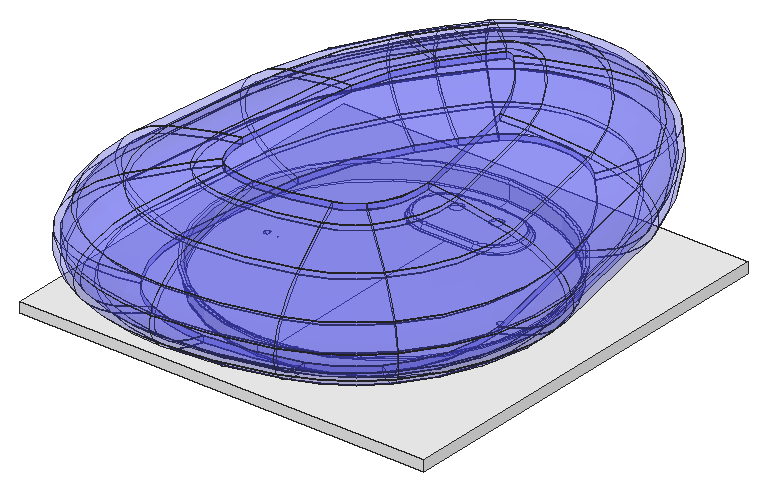
Revit family "BE_51132_de_DE", category Leuchten, Revit 2020
Family settings
  Basisbauteil = Fläche
  Bemaßung runder Anschluss = Durchmesser verwenden
  Teiletyp = Normal
  Beim Laden mit Abzugskörper schneiden = Ja
  Lichtquelle = Ja
  Gemeinsam genutzt = Nein
  Raumberechnungspunkt = Ja
Parameters (values of type "BEGA_51132_K3")
  built-in parameter 1150104 = 13.971 (stored number, unit not read)
  Wattage = 26.4 W
  Default Elevation = 0 mm
  built-in parameter 1150113 = 1 (stored number, unit not read)
  built-in parameter 1114218 = 1 (stored number, unit not read)
  Umgebungstemperatur = "25 °C"
  URL = "https://www.bega.com/de/produkt/51132"
  Typenkommentare = "© 2023 BEGA. Wir behalten uns das Recht vor, technische Änderungen ohne vorherige Ankündigung vorzunehmen."  # constant formula
  built-in parameter 1150134 = (empty or 0)
  built-in parameter 1150109 = 1 (stored number, unit not read)
  built-in parameter 1150110 = 1 (stored number, unit not read)
  Spannung = 239.996 V
  Sonderanfertigung = no
  Seriennummer [instance] = "Hier können Sie die eindeutige Seriennummer für das Facility Management eintragen."
  Schutzklasse = "I"
  Schutzart = "IP 20"
  Scheinlast = 0 VA
  Produktdatenblatt = "https://cdn.bega.com/bega/products/51132K27/current/documents/data-sheets/de"
  Neigungswinkel = 0.00°
  Modell = "51132K3"
  Material_34 = BEGA_Oberfläche_Samtweiss_matt
  Material_11 = BEGA_Glas_opal
  M_W = no
  M_G = no
  M_A = no
  Logo = 0
  built-in parameter 1114217 = 1 (stored number, unit not read)
  built-in parameter 1150139 = (empty or 0)
  built-in parameter 1150105 = 3970 (stored number, unit not read)
  built-in parameter 1150114 = 1 (stored number, unit not read)
  Lumens = 3970.03 lm
  built-in parameter 1150115 = 1 (stored number, unit not read)
  Leuchtenlichtstrom = "2642 lm"
  Lebensdauerkriterien = "L70B50 @ 25 °C = 195000 h"
  Lastklassifizierung = Beleuchtung
  built-in parameter 1150112 = 1 (stored number, unit not read)
  Lampenlichtstrom = "3970 lm"
  Lampe = "LED 26.4 W"
  LED_Modulbezeichnung = "LED-0510/930"
  Hersteller = "BEGA"  # constant formula
  Gewicht = "3.7 kg"
  Frequenz = "0/50-60 Hz"
  Farbwiedergabeindex = "CRI > 90"
  Farbtemperaturverschiebung bei Dämpfen der Lampe = <Keine Auswahl>
  Farbtemperatur = "3000 K"
  Color Filter = 16777215
  built-in parameter 1150133 = 10 (stored number, unit not read)
  Energieeffizienzklasse = "LED A++ - A"
  built-in parameter 1150137 = (empty or 0)
  built-in parameter 1150132 = (empty or 0)
  Dimmbar [instance] = "DALI"
  Datei für fotometrisches Netz = "BE_51132K3.ies"
  CE_Konformität = "ja"
  Bestellnummer = "51132K3"
  Beschreibung_Sonderanfertigung = "Hier können Sie Informationen zur Sonderanfertigung eintragen."
  Beschreibung = "Wandleuchte"
  built-in parameter 1150106 = 39.7 (stored number, unit not read)
  Befestigungsbohrung = "Ø 5,5 mm"
  Befestigungsabstand = "230 mm"
  BEGA_Intern_aus = yes
  BEGA_Intern_an = yes
  BEGA_Intern_Konstruktion = yes
  BEGA_Intern = yes
  BEGA_IES = yes
  BEGA_Dummy = no
  Anschlussleistung [instance] = "30 W"
  built-in parameter 1150107 = 3000 (stored number, unit not read)
  built-in parameter 1150102 = (empty or 0)
  built-in parameter 1150138 = (empty or 0)
  Aktualisierung = "2023-05-17T04:00:04"
  AC/DC = "AC/DC"
Types (2, lengths in mm): name | built-in parameter 1150104 | Modell | built-in parameter 1150105 | Lumens | Leuchtenlichtstrom | Lampenlichtstrom | LED_Modulbezeichnung | Farbtemperatur | Datei für fotometrisches Netz | Bestellnummer | built-in parameter 1150106 | built-in parameter 1150107
  BEGA_51132_K27 | 13.53 (stored number, unit not read) | "51132K27" | 305.97 (stored number, unit not read) | 3844.9 lm | "2558 lm" | "3845 lm" | "LED-0510/927" | "2700 K" | "BE_51132K27.ies" | "51132K27" | 3.0597 (stored number, unit not read) | 2700 (stored number, unit not read)
  BEGA_51132_K3 | 13.971 (stored number, unit not read) | "51132K3" | 3970 (stored number, unit not read) | 3970.03 lm | "2642 lm" | "3970 lm" | "LED-0510/930" | "3000 K" | "BE_51132K3.ies" | "51132K3" | 39.7 (stored number, unit not read) | 3000 (stored number, unit not read)
Reference planes
  plane 1 "Mitte (Vorne/Hinten)": y = 0
  plane 2: z = 0
  plane 3 "Mitte (Links/Rechts)": x = 0
  plane 4 "Links": x = -208.324
  plane 5 "Rechts": x = 213.154
  plane 6 "Unten": y = -259.263
  plane 7 "Oben": y = 286.32
  plane 8 "Vorne": z = 135.741
  plane 9 "Hinten": z = 0
Forms (mm)
  Extrusion 1, solid, material "BEGA_Platte_Weiss"
    sketch origin (0, -1119.2, 0) x (1, 0, 0) y (0, 1, 0)
      loop
        line (-200, 1319.2) -> (-200, 919.2) -> (200, 919.2) -> (200, 1319.2) -> (-200, 1319.2)
    from 0 to -10
  Extrusion 2, solid, material "BEGA_Dummy_matt", visible <- "BEGA_Dummy"
    sketch origin (80.095, -76.023, 0) x (1, 0, 0) y (0, 1, 0)
      loop
        line (-288.42, 362.343) -> (-288.42, -183.24) -> (133.059, -183.24) -> (133.059, 362.343) -> (-288.42, 362.343)
    from 0 to 135.741
Dimensions and locks
  plane 1 "Mitte (Vorne/Hinten)" to Extrusion 1 = 200 mm
  aligned and locked: plane 2 to Extrusion 1
  aligned and locked: level to Extrusion 1
Nested families
  nested 1: "BE_51132_Leuchte" at (0, 0, 0), type "BE_51132_Leuchte"
Connectors
  electrical at (0, 0, 0), driven by "Lastklassifizierung", driven by "Spannung", driven by "Scheinlast"
    settings: index 1, voltage 239.996 V, apparent load 0 VA, apparent load phase1 0 VA, apparent load phase2 0 VA, apparent load phase3 0 VA, power factor 1, load classification "Beleuchtung", number of poles 1, system type 31, power factor state 1, is connector primary yes, connector utility no, sub classification motor no, connector description ""
Definition of nested family "BE_51132_Leuchte"
  Parameters (values of type "BE_51132_Leuchte")
    Default Elevation = 1 mm
    URL = "http://www.bega.de/de/produkt"
    Type Comments = "© 2015 BEGA. Wir behalten uns das Recht vor, technische Änderungen ohne vorherige Ankündigung vorzunehmen. "  # constant formula
    Type Image = (empty or 0)
    Material_34 = none
    Material_11 = none
    Länge_Platte = 320 mm  # constant formula
    Höhe_Platte = -10 mm  # constant formula
    Manufacturer = "BEGA"  # constant formula
    Breite_Platte = 320 mm  # constant formula
  Reference planes
    plane 1 "Mitte (Oben/Unten)": y = 0
    plane 2: z = 0
    plane 3 "Mitte (Links/Rechts)": x = 0
    plane 4: z = 135.741
    plane 5: y = 286.32
    plane 6: y = -259.263
    plane 7: x = -208.324
    plane 8: x = 213.154
  Forms (mm)
    Extrusion 1, solid, detail levels medium
      sketch origin (0, 0, 0) x (1, 0, 0) y (0, 1, 0)
        loop
          line (-160, 160) -> (-160, -160) -> (160, -160) -> (160, 160) -> (-160, 160)
      from 0 to -10 <- "Höhe_Platte"
    Revolve 2, solid, material <- "Material_34"
      sketch origin (0, 0, 0) x (0, 1, 0) y (0, 0, 1)
        loop
          line (-159, 20.8) -> (-159, 19.8) -> (-156.827, 19.8)
          arc (-156.827, 19.8) -> (-156.266, 19.571) -> (-156.024, 19.014) r 0.8
          line (-156.024, 19.014) -> (-155.767, 4.273)
          arc (-155.767, 4.273) -> (-155.172, 2.876) -> (-153.767, 2.3) r 2
          line (-153.767, 2.3) -> (0, 2.3) -> (0, 3.3) -> (-153.767, 3.3)
          arc (-153.767, 3.3) -> (-154.466, 3.585) -> (-154.767, 4.277) r 1
          line (-154.767, 4.277) -> (-155.023, 18.922)
          arc (-155.023, 18.922) -> (-155.521, 20.245) -> (-156.821, 20.8) r 1.8
          line (-156.821, 20.8) -> (-159, 20.8)
        axis (0, 2.3) -> (0, 20.8)
      angle from 0 to 360
    Revolve 3, solid, material <- "Material_34"
      sketch origin (0.045, -0.026, 0) x (-0.865872, -0.500265, 0) y (0, 0, 1)
        loop
          arc (-151.405, 2.3) -> (-148.937, 0.599) -> (-146, 0) r 7.5
          line (-146, 0) -> (-146, 2.3) -> (-151.405, 2.3)
        axis (-146, 0) -> (-146, 2.3)
      angle from 0 to 360
    Revolve 4, solid, material <- "Material_34"
      sketch origin (0.045, 0.026, 0) x (0.866184, -0.499726, 0) y (0, 0, 1)
        loop
          arc (-151.405, 2.3) -> (-148.937, 0.599) -> (-146, 0) r 7.5
          line (-146, 0) -> (-146, 2.3) -> (-151.405, 2.3)
        axis (-146, 0) -> (-146, 2.3)
      angle from 0 to 360
    Revolve 5, solid, material <- "Material_34"
      sketch origin (0, 0, 0) x (0.000015, 1, 0) y (0, 0, 1)
        loop
          arc (-151.405, 2.3) -> (-148.937, 0.599) -> (-146, 0) r 7.5
          line (-146, 0) -> (-146, 2.3) -> (-151.405, 2.3)
        axis (-146, 0) -> (-146, 2.3)
      angle from 0 to 360
    Extrusion 6, void
      sketch origin (0, 0, 0) x (1, 0, 0) y (0, 1, 0)
        loop
          arc (32.023, 136.417) -> (0, 140.125) -> (-32.023, 136.417) r 140.125
          arc (-32.023, 136.417) -> (-55.526, 102.965) -> (-25, 75.77) r 30.73
          line (-25, 75.77) -> (25, 75.77)
          arc (25, 75.77) -> (55.526, 102.965) -> (32.023, 136.417) r 30.73
      from 2.3 to 9.8
    Sweep 7, solid, material <- "Material_34"
      path origin (0, 0, 0) x (1, 0, 0) y (0, 1, 0)
        loop
          arc (32.023, 136.417) -> (0, 140.125) -> (-32.023, 136.417) r 140.125
          arc (-32.023, 136.417) -> (-55.526, 102.965) -> (-25, 75.77) r 30.73
          line (-25, 75.77) -> (25, 75.77)
          arc (25, 75.77) -> (55.526, 102.965) -> (32.023, 136.417) r 30.73
      profile origin (0, 140.125, 0) x (0, -1, 0) y (0, 0, 1)
        loop
          arc (1.723, 4.284) -> (0.992, 3.563) -> (0, 3.3) r 2
          line (0, 3.3) -> (0, 2.3)
          arc (0, 2.3) -> (1.51, 2.695) -> (2.617, 3.794) r 3
          line (2.617, 3.794) -> (4.697, 7.396)
          arc (4.697, 7.396) -> (5.05, 7.693) -> (5.5, 7.8) r 1
          line (5.5, 7.8) -> (5.5, 8.8)
          arc (5.5, 8.8) -> (4.5, 8.532) -> (3.768, 7.8) r 2
          line (3.768, 7.8) -> (1.723, 4.284)
    Extrusion 8, solid, material <- "Material_34"
      sketch origin (0, 0, 0) x (1, 0, 0) y (0, 1, 0)
        loop
          arc (30.766, 131.063) -> (0, 134.625) -> (-30.766, 131.063) r 134.625
          arc (-30.766, 131.063) -> (-50.063, 103.598) -> (-25, 81.27) r 25.23
          line (-25, 81.27) -> (25, 81.27)
          arc (25, 81.27) -> (50.063, 103.598) -> (30.766, 131.063) r 25.23
      from 7.8 to 8.8
    Extrusion 9, void
      sketch origin (0, 0, 0) x (1, 0, 0) y (0, 1, 0)
        loop
          circle (-20, 115) r 6
        loop
          circle (20, 115) r 6
      from 0 to 250
    Revolve 10, solid, material <- "Material_34"
      sketch origin (-115.03, 0, 0) x (0, 1, 0) y (0, 0, 1)
        loop
          line (0, 2.3) -> (-9.43, 2.3) -> (-8.406, 1.079)
          arc (-8.406, 1.079) -> (-7.374, 0.283) -> (-6.101, 0) r 3
          line (-6.101, 0) -> (0, 0) -> (0, 2.3)
        axis (0, 0) -> (0, 2.3)
      angle from 0 to 360
    Revolve 11, solid, material <- "Material_34"
      sketch origin (114.97, 0, 0) x (0, 1, 0) y (0, 0, 1)
        loop
          line (0, 2.3) -> (-9.43, 2.3) -> (-8.406, 1.079)
          arc (-8.406, 1.079) -> (-7.374, 0.283) -> (-6.101, 0) r 3
          line (-6.101, 0) -> (0, 0) -> (0, 2.3)
        axis (0, 0) -> (0, 2.3)
      angle from 0 to 360
    Extrusion 12, void
      sketch origin (0, 0, 0) x (1, 0, 0) y (0, 1, 0)
        loop
          circle (-115, 0) r 2.75
        loop
          circle (115, 0) r 2.75
      from 0 to 250
    Sweep 13, solid, material <- "Material_11"
      path origin (0, -0.306, 0) x (1, 0, 0) y (0, 1, 0)
        loop
          arc (-89.5, 240.474) -> (-101.433, 224.49) -> (-113.093, 208.306) r 1174.467
          arc (-113.093, 208.306) -> (-123.789, 192.933) -> (-134.238, 177.392) r 1174.467
          arc (-134.238, 177.392) -> (-163.741, 121.267) -> (-181.506, 60.399) r 317.598
          arc (-181.506, 60.399) -> (-191.634, -5.241) -> (-197.687, -71.382) r 1074.52
          arc (-197.687, -71.382) -> (-192.579, -126.752) -> (-171.094, -178.04) r 183.202
          arc (-171.094, -178.04) -> (-144.09, -209.962) -> (-108.72, -232.26) r 137.101
          arc (-108.72, -232.26) -> (-67.511, -245.04) -> (-24.515, -248.628) r 198.824
          arc (-24.515, -248.628) -> (28.573, -243.302) -> (80.281, -230.15) r 358.205
          arc (80.281, -230.15) -> (121.696, -209.708) -> (156.164, -178.966) r 171.709
          arc (156.164, -178.966) -> (194.267, -109.574) -> (201.482, -30.739) r 194.03
          arc (201.482, -30.739) -> (189.786, 40.911) -> (171.328, 111.123) r 762.402
          arc (171.328, 111.123) -> (139.166, 180.955) -> (90.5, 240.474) r 303.731
          arc (90.5, 240.474) -> (0.5, 276.342) -> (-89.5, 240.474) r 130.848
      profile origin (0.5, 276.036, 0) x (0, 1, 0) y (0, 0, 1)
        loop
          arc (-22.646, 30.645) -> (-8.544, 38.244) -> (3.419, 48.896) r 68.816
          arc (3.419, 48.896) -> (9.667, 61.255) -> (8.986, 75.087) r 27.077
          arc (8.986, 75.087) -> (3.487, 86.455) -> (-4.994, 95.813) r 44.358
          arc (-4.994, 95.813) -> (-23.784, 108.4) -> (-44.726, 116.939) r 111.588
          arc (-44.726, 116.939) -> (-70.653, 124.219) -> (-96.746, 130.878) r 1128.324
          arc (-96.746, 130.878) -> (-109.218, 133.599) -> (-121.802, 135.741) r 276.213
          line (-121.802, 135.741) -> (-121.802, 129.676)
          arc (-121.802, 129.676) -> (-109.929, 127.625) -> (-98.16, 125.047) r 270.213
          arc (-98.16, 125.047) -> (-72.206, 118.423) -> (-46.417, 111.182) r 1122.324
          arc (-46.417, 111.182) -> (-26.601, 103.102) -> (-8.821, 91.192) r 105.588
          arc (-8.821, 91.192) -> (-1.488, 83.1) -> (3.268, 73.27) r 38.358
          arc (3.268, 73.27) -> (3.798, 62.503) -> (-1.065, 52.882) r 21.077
          arc (-1.065, 52.882) -> (-11.986, 43.158) -> (-24.858, 36.223) r 62.816
          arc (-24.858, 36.223) -> (-41.359, 30.665) -> (-58.353, 26.874) r 165.289
          line (-58.353, 26.874) -> (-58.353, 20.793)
          arc (-58.353, 20.793) -> (-40.233, 24.751) -> (-22.646, 30.645) r 171.289
    Extrusion 14, solid, material <- "Material_11"
      sketch origin (0, 0, 0) x (1, 0, 0) y (0, 1, 0)
        loop
          arc (-61.761, 38.115) -> (-70.74, -20.085) -> (-76.107, -78.728) r 952.719
          arc (-76.107, -78.728) -> (-74.395, -97.286) -> (-67.195, -114.475) r 61.4
          arc (-67.195, -114.475) -> (-64.181, -118.037) -> (-60.234, -120.525) r 15.299
          arc (-60.234, -120.525) -> (-44.27, -125.476) -> (-27.614, -126.866) r 77.023
          arc (-27.614, -126.866) -> (7.423, -123.351) -> (41.548, -114.671) r 236.403
          arc (41.548, -114.671) -> (53.585, -108.729) -> (63.603, -99.795) r 49.907
          arc (63.603, -99.795) -> (77.787, -73.963) -> (80.473, -44.616) r 72.229
          arc (80.473, -44.616) -> (70.646, 15.587) -> (55.137, 74.582) r 640.6
          arc (55.137, 74.582) -> (35.872, 116.41) -> (6.723, 152.061) r 181.929
          arc (6.723, 152.061) -> (2.681, 154.274) -> (-1.927, 154.209) r 9.046
          arc (-1.927, 154.209) -> (-7.836, 146.106) -> (-13.668, 137.948) r 1052.665
          arc (-13.668, 137.948) -> (-23.255, 124.169) -> (-32.62, 110.24) r 1052.665
          arc (-32.62, 110.24) -> (-50.808, 75.639) -> (-61.761, 38.115) r 195.796
      from 129.676 to 135.741
    Extrusion 15, solid, material <- "Material_11"
      sketch origin (0, 0, 0) x (1, 0, 0) y (0, 1, 0)
        loop
          arc (-25.999, -190.294) -> (18.44, -185.836) -> (61.725, -174.826) r 299.851
          arc (61.725, -174.826) -> (89.065, -161.331) -> (111.82, -141.036) r 113.355
          arc (111.82, -141.036) -> (138.463, -92.514) -> (143.508, -37.387) r 135.677
          arc (143.508, -37.387) -> (132.708, 28.778) -> (115.662, 93.617) r 704.049
          arc (115.662, 93.617) -> (89.68, 150.032) -> (50.364, 198.117) r 245.377
          arc (50.364, 198.117) -> (2.56, 217.96) -> (-46.293, 200.864) r 72.495
          arc (-46.293, 200.864) -> (-55.972, 187.801) -> (-65.46, 174.599) r 1116.114
          arc (-65.46, 174.599) -> (-75.624, 159.99) -> (-85.555, 145.22) r 1116.114
          arc (-85.555, 145.22) -> (-109.637, 99.407) -> (-124.138, 49.723) r 259.245
          arc (-124.138, 49.723) -> (-133.716, -12.353) -> (-139.44, -74.901) r 1016.167
          arc (-139.44, -74.901) -> (-135.959, -112.635) -> (-121.317, -147.587) r 124.848
          arc (-121.317, -147.587) -> (-105.807, -165.922) -> (-85.491, -178.73) r 78.747
          arc (-85.491, -178.73) -> (-56.376, -187.759) -> (-25.999, -190.294) r 140.471
      from 20.8 to 26.874
  Cuts and joins
    Extrusion 6, Extrusion 9, Extrusion 12 cuts Revolve 2
    Extrusion 6, Extrusion 9, Extrusion 12 cuts Revolve 3
    Extrusion 6, Extrusion 9, Extrusion 12 cuts Revolve 4
    Extrusion 6, Extrusion 9, Extrusion 12 cuts Revolve 5
    Extrusion 9, Extrusion 12 cuts Extrusion 8
    Extrusion 12 cuts Revolve 10
    Extrusion 12 cuts Revolve 11
    joined: Revolve 2, Revolve 3, Revolve 4, Revolve 5, Extrusion 8, Revolve 10, Revolve 11
    joined: Extrusion 14, Extrusion 15
  Dimensions and locks
    equal spacing: Extrusion 1 sketch curve, plane 3 "Mitte (Links/Rechts)", Extrusion 1 sketch curve
    equal spacing: Extrusion 1 sketch curve, plane 1 "Mitte (Oben/Unten)", Extrusion 1 sketch curve
    "Länge_Platte": Extrusion 1 sketch curve to Extrusion 1 sketch curve
    "Breite_Platte": Extrusion 1 sketch curve to Extrusion 1 sketch curve
    plane 1 "Mitte (Oben/Unten)" to Extrusion 1 = 160 mm  (x3)
    aligned and locked: plane 2 to Extrusion 1
    aligned and locked: level to Extrusion 1
  Automatic sketch dimensions
    Revolve 2 sketch curve to Revolve 2 sketch curve = 0 mm  (x3)
    Revolve 2 sketch curve to plane 1 "Mitte (Oben/Unten)" = 0 mm  (x2)
    level to Revolve 2 sketch curve = 3.3 mm
    plane 1 "Mitte (Oben/Unten)" to Revolve 2 sketch curve = 153.767 mm
    level to Revolve 2 sketch curve = 4.277 mm
    Revolve 2 sketch curve to Revolve 2 sketch curve = 1 mm  (x3)
    level to Revolve 2 sketch curve = 18.922 mm
    Revolve 2 sketch curve to Revolve 2 sketch curve = 0.256 mm
    level to Revolve 2 sketch curve = 4.273 mm
    Revolve 2 sketch curve to Revolve 2 sketch curve = 1.798 mm
    Revolve 2 sketch curve to Revolve 2 sketch curve = 0.005 mm
    Revolve 2 sketch curve to Revolve 2 sketch curve = 2.179 mm
    Revolve 2 sketch curve to Revolve 2 sketch curve = 0.078 mm
    level to Revolve 2 sketch curve = 19.014 mm
    Revolve 2 sketch curve to Revolve 2 sketch curve = 0.797 mm
    Revolve 2 sketch curve to Revolve 2 sketch curve = 0.002 mm
    Revolve 2 sketch curve to level = 609.6 mm
    Revolve 2 sketch curve to Revolve 2 sketch curve = 2323.007 mm
    level to Revolve 3 sketch curve = 0 mm  (x2)
    level to Revolve 3 sketch curve = 2.3 mm
    Revolve 3 sketch curve to Revolve 3 sketch curve = 5.405 mm
    Revolve 3 sketch curve to Revolve 3 sketch curve = 0 mm
    Revolve 3 sketch curve to Revolve 3 sketch curve = 1.715 mm
    Revolve 4 sketch curve to level = 0 mm  (x2)
    level to Revolve 4 sketch curve = 2.3 mm
    Revolve 4 sketch curve to Revolve 4 sketch curve = 5.405 mm
    Revolve 4 sketch curve to Revolve 4 sketch curve = 0 mm
    Revolve 4 sketch curve to Revolve 4 sketch curve = 1.715 mm
    Revolve 5 sketch curve to level = 0 mm  (x2)
    level to Revolve 5 sketch curve = 2.3 mm
    Revolve 5 sketch curve to Revolve 5 sketch curve = 5.405 mm
    Revolve 5 sketch curve to Revolve 5 sketch curve = 0 mm
    Revolve 5 sketch curve to Revolve 5 sketch curve = 1.715 mm
    plane 1 "Mitte (Oben/Unten)" to Extrusion 6 sketch curve = 0 mm
    Extrusion 6 sketch curve to plane 3 "Mitte (Links/Rechts)" = 0 mm
    Extrusion 6 sketch curve to plane 3 "Mitte (Links/Rechts)" = 25 mm  (x2)
    plane 3 "Mitte (Links/Rechts)" to Extrusion 6 sketch curve = 25 mm  (x2)
    Extrusion 6 sketch curve to plane 1 "Mitte (Oben/Unten)" = 106.5 mm
    Extrusion 6 sketch curve to Extrusion 6 sketch curve = 0 mm  (x6)
    Extrusion 6 sketch curve to Extrusion 6 sketch curve = 7.023 mm
    plane 1 "Mitte (Oben/Unten)" to Sweep 7 sketch curve = 0 mm
    Sweep 7 sketch curve to plane 3 "Mitte (Links/Rechts)" = 0 mm
    Sweep 7 sketch curve to plane 3 "Mitte (Links/Rechts)" = 25 mm
    plane 3 "Mitte (Links/Rechts)" to Sweep 7 sketch curve = 25 mm  (x2)
    Sweep 7 sketch curve to plane 1 "Mitte (Oben/Unten)" = 106.5 mm
    Sweep 7 sketch curve to Sweep 7 sketch curve = 0 mm  (x7)
    Sweep 7 sketch curve to Sweep 7 sketch curve = 7.023 mm
    Sweep 7 sketch curve to profile plane = 0 mm
    profile plane to Sweep 7 sketch curve = 0 mm
    Sweep 7 sketch curve to profile plane = 0.023 mm
    Sweep 7 sketch curve to profile plane = 1.723 mm
    Sweep 7 sketch curve to Sweep 7 sketch curve = 0.895 mm
    Sweep 7 sketch curve to Sweep 7 sketch curve = 2.079 mm
    Sweep 7 sketch curve to Sweep 7 sketch curve = 0.803 mm
    level to Sweep 7 sketch curve = 2.3 mm
    Sweep 7 sketch curve to Sweep 7 sketch curve = 1 mm  (x2)
    Sweep 7 sketch curve to Sweep 7 sketch curve = 0.494 mm
    Sweep 7 sketch curve to Sweep 7 sketch curve = 0.49 mm
    Sweep 7 sketch curve to Sweep 7 sketch curve = 3.006 mm
    Sweep 7 sketch curve to Sweep 7 sketch curve = 0.596 mm
    Sweep 7 sketch curve to Sweep 7 sketch curve = 0.94 mm
    Sweep 7 sketch curve to Sweep 7 sketch curve = 0.011 mm
    Sweep 7 sketch curve to Sweep 7 sketch curve = 0.007 mm
    plane 1 "Mitte (Oben/Unten)" to Extrusion 8 sketch curve = 0 mm
    Extrusion 8 sketch curve to plane 3 "Mitte (Links/Rechts)" = 0 mm
    Extrusion 8 sketch curve to plane 3 "Mitte (Links/Rechts)" = 25 mm
    plane 3 "Mitte (Links/Rechts)" to Extrusion 8 sketch curve = 25 mm  (x2)
    Extrusion 8 sketch curve to plane 1 "Mitte (Oben/Unten)" = 106.5 mm
    Extrusion 8 sketch curve to Extrusion 8 sketch curve = 0 mm  (x6)
    Extrusion 8 sketch curve to Extrusion 8 sketch curve = 5.766 mm
    Revolve 10 sketch curve to level = 0 mm
    Revolve 10 sketch curve to plane 1 "Mitte (Oben/Unten)" = 0 mm  (x2)
    plane 1 "Mitte (Oben/Unten)" to Revolve 10 sketch curve = 6.101 mm
    level to Revolve 10 sketch curve = 1.079 mm
    Revolve 10 sketch curve to Revolve 10 sketch curve = 2.305 mm
    level to Revolve 10 sketch curve = 2.3 mm
    Revolve 10 sketch curve to Revolve 10 sketch curve = 1.024 mm
    Revolve 10 sketch curve to level = 609.6 mm
    Revolve 10 sketch curve to Revolve 10 sketch curve = 2340.807 mm
    Revolve 11 sketch curve to level = 0 mm
    Revolve 11 sketch curve to plane 1 "Mitte (Oben/Unten)" = 0 mm  (x2)
    Revolve 11 sketch curve to Revolve 11 sketch curve = 6.101 mm
    level to Revolve 11 sketch curve = 1.079 mm
    Revolve 11 sketch curve to Revolve 11 sketch curve = 2.305 mm
    level to Revolve 11 sketch curve = 2.3 mm
    Revolve 11 sketch curve to Revolve 11 sketch curve = 1.024 mm
    Revolve 11 sketch curve to level = 609.6 mm
    Revolve 11 sketch curve to Revolve 11 sketch curve = 2340.807 mm
    Sweep 13 sketch curve to Sweep 13 sketch curve = 0 mm  (x36)
    plane 1 "Mitte (Oben/Unten)" to Sweep 13 sketch curve = 117.908 mm
    Sweep 13 sketch curve to plane 3 "Mitte (Links/Rechts)" = 555.956 mm
    Sweep 13 sketch curve to plane 1 "Mitte (Oben/Unten)" = 19.696 mm
    Sweep 13 sketch curve to plane 3 "Mitte (Links/Rechts)" = 118.412 mm
    Sweep 13 sketch curve to plane 3 "Mitte (Links/Rechts)" = 54.144 mm
    Sweep 13 sketch curve to plane 3 "Mitte (Links/Rechts)" = 33.628 mm
    Sweep 13 sketch curve to plane 3 "Mitte (Links/Rechts)" = 29.573 mm
    Sweep 13 sketch curve to plane 3 "Mitte (Links/Rechts)" = 14.819 mm
    plane 3 "Mitte (Links/Rechts)" to Sweep 13 sketch curve = 0.5 mm
    plane 3 "Mitte (Links/Rechts)" to Sweep 13 sketch curve = 8.715 mm
    Sweep 13 sketch curve to Sweep 13 sketch curve = 16.963 mm
    Sweep 13 sketch curve to plane 1 "Mitte (Oben/Unten)" = 1.986 mm
    Sweep 13 sketch curve to Sweep 13 sketch curve = 105.053 mm
    plane 1 "Mitte (Oben/Unten)" to Sweep 13 sketch curve = 470.427 mm
    Sweep 13 sketch curve to Sweep 13 sketch curve = 29.268 mm
    plane 1 "Mitte (Oben/Unten)" to Sweep 13 sketch curve = 136.499 mm
    plane 1 "Mitte (Oben/Unten)" to Sweep 13 sketch curve = 106.797 mm
    Sweep 13 sketch curve to Sweep 13 sketch curve = 24.059 mm
    Sweep 13 sketch curve to Sweep 13 sketch curve = 15.077 mm
    Sweep 13 sketch curve to Sweep 13 sketch curve = 14.509 mm
    Sweep 13 sketch curve to Sweep 13 sketch curve = 32.564 mm
    Sweep 13 sketch curve to plane 1 "Mitte (Oben/Unten)" = 109.154 mm
    Sweep 13 sketch curve to Sweep 13 sketch curve = 36.034 mm
    plane 1 "Mitte (Oben/Unten)" to Sweep 13 sketch curve = 71.688 mm
    Sweep 13 sketch curve to Sweep 13 sketch curve = 21.145 mm
    Sweep 13 sketch curve to Sweep 13 sketch curve = 23.593 mm
    plane 3 "Mitte (Links/Rechts)" to Sweep 13 sketch curve = 90.5 mm
    Extrusion 14 sketch curve to plane 1 "Mitte (Oben/Unten)" = 2.292 mm
    plane 3 "Mitte (Links/Rechts)" to Extrusion 14 sketch curve = 130.731 mm
    plane 1 "Mitte (Oben/Unten)" to Extrusion 14 sketch curve = 470.12 mm
    plane 3 "Mitte (Links/Rechts)" to Extrusion 14 sketch curve = 845.609 mm
    Extrusion 14 sketch curve to plane 3 "Mitte (Links/Rechts)" = 13.668 mm
    Extrusion 14 sketch curve to plane 3 "Mitte (Links/Rechts)" = 32.62 mm
    Extrusion 14 sketch curve to Extrusion 14 sketch curve = 0 mm  (x10)
    Extrusion 14 sketch curve to plane 1 "Mitte (Oben/Unten)" = 38.115 mm
    Extrusion 14 sketch curve to plane 3 "Mitte (Links/Rechts)" = 1.927 mm
    plane 3 "Mitte (Links/Rechts)" to Extrusion 14 sketch curve = 0.5 mm
    Extrusion 14 sketch curve to Extrusion 14 sketch curve = 8.714 mm
    plane 3 "Mitte (Links/Rechts)" to Extrusion 14 sketch curve = 6.723 mm
    Extrusion 14 sketch curve to plane 1 "Mitte (Oben/Unten)" = 20.002 mm
    plane 3 "Mitte (Links/Rechts)" to Extrusion 14 sketch curve = 55.137 mm
    plane 1 "Mitte (Oben/Unten)" to Extrusion 14 sketch curve = 117.602 mm
    plane 1 "Mitte (Oben/Unten)" to Extrusion 14 sketch curve = 44.616 mm
    plane 3 "Mitte (Links/Rechts)" to Extrusion 14 sketch curve = 8.715 mm
    Extrusion 14 sketch curve to Extrusion 14 sketch curve = 16.87 mm
    Extrusion 14 sketch curve to Extrusion 14 sketch curve = 1.008 mm
    Extrusion 14 sketch curve to Extrusion 14 sketch curve = 16.963 mm
    Extrusion 14 sketch curve to Extrusion 14 sketch curve = 0.779 mm
    Extrusion 14 sketch curve to plane 3 "Mitte (Links/Rechts)" = 27.614 mm
    Extrusion 14 sketch curve to Extrusion 14 sketch curve = 22.055 mm
    Extrusion 14 sketch curve to plane 3 "Mitte (Links/Rechts)" = 29.573 mm
    Extrusion 14 sketch curve to Extrusion 14 sketch curve = 32.621 mm
    Extrusion 14 sketch curve to plane 3 "Mitte (Links/Rechts)" = 14.819 mm
    plane 1 "Mitte (Oben/Unten)" to Extrusion 14 sketch curve = 136.192 mm
    Extrusion 14 sketch curve to Extrusion 14 sketch curve = 32.564 mm
    Extrusion 14 sketch curve to Extrusion 14 sketch curve = 15.873 mm
    Extrusion 14 sketch curve to Extrusion 14 sketch curve = 6.96 mm
    profile plane to Sweep 13 sketch curve = 362.685 mm
    profile plane to Sweep 13 sketch curve = 161.848 mm
    profile plane to Sweep 13 sketch curve = 121.802 mm
    Sweep 13 sketch curve to Sweep 13 sketch curve = 36.009 mm
    level to Sweep 13 sketch curve = 9.873 mm
    profile plane to Sweep 13 sketch curve = 76.172 mm
    Sweep 13 sketch curve to Sweep 13 sketch curve = 17.818 mm
    profile plane to Sweep 13 sketch curve = 48.016 mm
    profile plane to Sweep 13 sketch curve = 33.288 mm
    profile plane to Sweep 13 sketch curve = 16.819 mm
    Sweep 13 sketch curve to level = 137.554 mm
    Sweep 13 sketch curve to Sweep 13 sketch curve = 828.104 mm
    Sweep 13 sketch curve to Sweep 13 sketch curve = 10.92 mm
    Sweep 13 sketch curve to Sweep 13 sketch curve = 6.081 mm
    Sweep 13 sketch curve to Sweep 13 sketch curve = 34.776 mm
    Sweep 13 sketch curve to Sweep 13 sketch curve = 5.235 mm
    Sweep 13 sketch curve to Sweep 13 sketch curve = 32.964 mm
    Sweep 13 sketch curve to Sweep 13 sketch curve = 35.061 mm
    Sweep 13 sketch curve to Sweep 13 sketch curve = 6.066 mm
    Sweep 13 sketch curve to Sweep 13 sketch curve = 58.992 mm
    Extrusion 15 sketch curve to plane 3 "Mitte (Links/Rechts)" = 33.628 mm
    Extrusion 15 sketch curve to plane 3 "Mitte (Links/Rechts)" = 29.573 mm
    plane 1 "Mitte (Oben/Unten)" to Extrusion 15 sketch curve = 49.868 mm
    Extrusion 15 sketch curve to plane 1 "Mitte (Oben/Unten)" = 109.46 mm
    Extrusion 15 sketch curve to plane 3 "Mitte (Links/Rechts)" = 85.491 mm
    Extrusion 15 sketch curve to plane 3 "Mitte (Links/Rechts)" = 25.999 mm
    Extrusion 15 sketch curve to Extrusion 15 sketch curve = 0 mm  (x12)
    plane 3 "Mitte (Links/Rechts)" to Extrusion 15 sketch curve = 61.725 mm
    plane 3 "Mitte (Links/Rechts)" to Extrusion 15 sketch curve = 25.678 mm
    Extrusion 15 sketch curve to Extrusion 15 sketch curve = 50.095 mm
    plane 3 "Mitte (Links/Rechts)" to Extrusion 15 sketch curve = 8.715 mm
    plane 1 "Mitte (Oben/Unten)" to Extrusion 15 sketch curve = 37.387 mm
    plane 1 "Mitte (Oben/Unten)" to Extrusion 15 sketch curve = 117.602 mm
    plane 3 "Mitte (Links/Rechts)" to Extrusion 15 sketch curve = 115.662 mm
    Extrusion 15 sketch curve to plane 1 "Mitte (Oben/Unten)" = 20.002 mm
    plane 3 "Mitte (Links/Rechts)" to Extrusion 15 sketch curve = 50.364 mm
    plane 3 "Mitte (Links/Rechts)" to Extrusion 15 sketch curve = 0.5 mm
    Extrusion 15 sketch curve to plane 3 "Mitte (Links/Rechts)" = 46.293 mm
    Extrusion 15 sketch curve to Extrusion 15 sketch curve = 733.789 mm
    plane 1 "Mitte (Oben/Unten)" to Extrusion 15 sketch curve = 470.12 mm
    Extrusion 15 sketch curve to Extrusion 15 sketch curve = 19.167 mm
    Extrusion 15 sketch curve to Extrusion 15 sketch curve = 20.094 mm
    Extrusion 15 sketch curve to plane 1 "Mitte (Oben/Unten)" = 2.292 mm
    Extrusion 15 sketch curve to Extrusion 15 sketch curve = 5.726 mm
    plane 1 "Mitte (Oben/Unten)" to Extrusion 15 sketch curve = 136.192 mm
    Extrusion 15 sketch curve to Extrusion 15 sketch curve = 21.028 mm
    Extrusion 15 sketch curve to plane 3 "Mitte (Links/Rechts)" = 14.819 mm
    Extrusion 15 sketch curve to Extrusion 15 sketch curve = 35.826 mm
